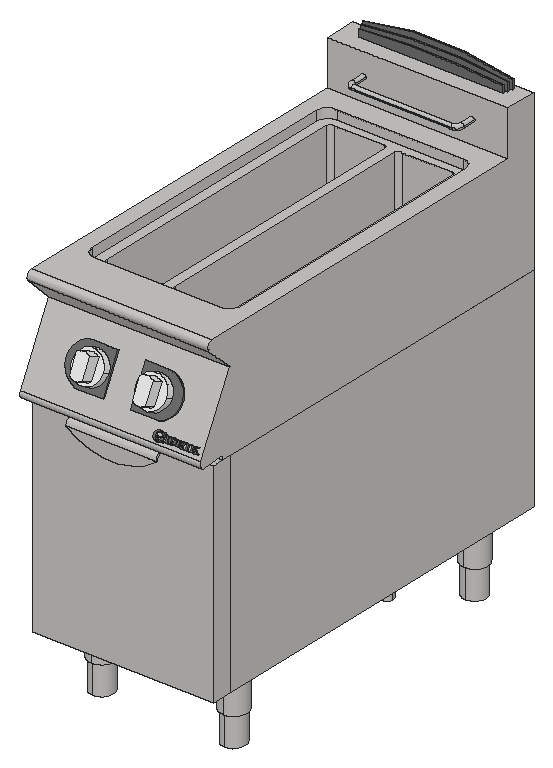
Revit family "QF_GIORIK_FE9207", category Specialty Equipment, Revit 2014
Parameters (values of type "FE9207")
  Weight in Pounds = 194.0066
  Watts = 14000 W
  Volts = 400 V
  URL Cutsheet = "www.giorik.com"
  URL = "www.giorik.com"
  Status [instance] = ""
  Specification by User [instance] = ""
  Specification by Manufacturer = ""
  Show Logo [instance] = yes
  Show Clearance [instance] = yes
  Serial Number = ""
  Seismic Rating = ""
  SMACNA No = ""
  Revision Code [instance] = ""
  Phase = 3
  Number of Poles [instance] = 3
  NAFEM Spec ID Number = ""
  Model = "FE9207"
  Min Ckt Ampacity = 0 A
  Max Overcurrent Protection = 0 A
  Masterspec = ""
  Manufacturer = "GIORIK"
  Item Number [instance] = ""
  Installed By [instance] = ""
  Identify Quantity as Lot [instance] = no
  HP = "18.774280000000"
  Furnished By [instance] = ""
  Foodservice Equipment Identifier [instance] = yes
  FL Amps = 0 A
  Electrical Remarks [instance] = ""
  Electric Connection Type [instance] = ""
  Elec Conn RI Height [instance] = 0 mm
  Elec Conn Connection Height [instance] = 150 mm
  Description = "8+8 LITRE ELECTRIC FRYER."
  Cycle = 50 Hz
  Conn Plug = ""
  CSI MasterFormat = ""
  Assembly Code = "E1090320"
  Apparent Power = 14000 VA
Reference planes
  plane 1 "Back": y = 0
  plane 2: z = 0
  plane 3 "Left": x = 0
  plane 4 "Right": x = 400
  plane 5 "Front": y = -920
  plane 6 "Top": z = 900
Forms (mm)
  Extrusion 1, solid, visible <- "Show Logo"
    sketch origin (196.604, -936.761, 609.486) x (-1, 0, 0) y (0, 0.452718, 0.891654)
      loop
        line (-118.824, 58.358) -> (-127.804, 58.358) -> (-125.523, 56.445) -> (-125.523, 48.027) -> (-127.804, 46.113) -> (-118.824, 46.113) -> (-121.105, 48.027) -> (-121.105, 56.445) -> (-118.824, 58.358)
      loop
        line (-163.721, 58.358) -> (-172.7, 58.358) -> (-170.42, 56.445) -> (-170.42, 48.027) -> (-172.7, 46.113) -> (-163.721, 46.113) -> (-166.001, 48.027) -> (-166.001, 56.445) -> (-163.721, 58.358)
      loop
        line (-174.332, 58.358) -> (-183.312, 58.358) -> (-181.031, 56.445) -> (-181.031, 52.435) -> (-186.419, 56.955) -> (-184.416, 58.358) -> (-191.268, 58.358) -> (-188.01, 56.839) -> (-185.455, 54.283) -> (-190.846, 47.858) -> (-193.396, 46.93) -> (-193.396, 46.113) -> (-184.416, 46.113) -> (-185.437, 47.571) -> (-182.443, 51.552) -> (-181.031, 50.894) -> (-181.031, 48.027) -> (-183.312, 46.113) -> (-174.332, 46.113) -> (-176.613, 48.027) -> (-176.613, 56.445) -> (-174.332, 58.358)
      loop
        line (-115.429, 62.063) -> (-115.429, 54.198)
        arc (-115.429, 54.198) -> (-111.618, 57.803) -> (-106.847, 59.986) r 16.039
        arc (-106.847, 59.986) -> (-103.314, 59.837) -> (-100.512, 57.68) r 5.851
        arc (-100.512, 57.68) -> (-98.815, 52.267) -> (-100.512, 46.853) r 9.479
        arc (-100.512, 46.853) -> (-102.406, 44.986) -> (-104.846, 43.93) r 7.236
        arc (-104.846, 43.93) -> (-107.728, 44.111) -> (-110.052, 45.825) r 5.11
        line (-110.052, 45.825) -> (-110.052, 52.001) -> (-116.141, 52.001) -> (-116.141, 45.503) -> (-117.893, 43.751) -> (-114.094, 44.769)
        arc (-114.094, 44.769) -> (-112.56, 44.947) -> (-111.129, 44.366) r 3.115
        arc (-111.129, 44.366) -> (-104.216, 42.091) -> (-97.303, 44.366) r 11.641
        arc (-97.303, 44.366) -> (-93.396, 52.107) -> (-97.303, 59.849) r 9.622
        arc (-97.303, 59.849) -> (-104.369, 62.174) -> (-111.435, 59.849) r 11.898
        line (-111.435, 59.849) -> (-115.429, 62.063)
      loop
        arc (-129.234, 56.068) -> (-135.893, 58.628) -> (-142.552, 56.068) r 9.941
        arc (-142.552, 56.068) -> (-144.234, 52.286) -> (-142.552, 48.505) r 5.093
        arc (-142.552, 48.505) -> (-135.893, 45.945) -> (-129.234, 48.505) r 9.941
        arc (-129.234, 48.505) -> (-127.552, 52.286) -> (-129.234, 56.068) r 5.093
      loop
        arc (-132.628, 54.403) -> (-135.893, 57.668) -> (-139.158, 54.403) r 3.265
        line (-139.158, 54.403) -> (-139.158, 50.169)
        arc (-139.158, 50.169) -> (-135.893, 46.904) -> (-132.628, 50.169) r 3.265
        line (-132.628, 50.169) -> (-132.628, 54.403)
      loop
        arc (-156.363, 58.365) -> (-159.647, 55.081) -> (-156.363, 51.796) r 3.285
        line (-156.363, 51.796) -> (-159.529, 47.306) -> (-162.087, 46.113) -> (-155.847, 46.113) -> (-153.529, 51.083) -> (-150.637, 51.083) -> (-150.637, 47.784) -> (-153.022, 46.113) -> (-144.011, 46.113) -> (-146.094, 47.68) -> (-146.094, 56.493) -> (-144.229, 58.365) -> (-156.363, 58.365)
      loop
        line (-150.637, 57.512) -> (-153.637, 57.512)
        arc (-153.637, 57.512) -> (-156.237, 54.912) -> (-153.637, 52.312) r 2.6
        line (-153.637, 52.312) -> (-150.637, 52.312) -> (-150.637, 57.512)
      loop
        line (-108.924, 52.001) -> (-104.936, 49.005) -> (-100.948, 52.001) -> (-108.924, 52.001)
    from 1.5 to -0.5
  Extrusion 2, solid
    sketch origin (-16, 1025.81, 0) x (1, 0, 0) y (0, 1, 0)
      loop
        line (25, -1086.81) -> (25, -1156.81) -> (115, -1156.81) -> (115, -1086.81) -> (25, -1086.81)
    from 148 to 150
  Extrusion 3, solid
    sketch origin (-14, 0, 130) x (1, 0, 0) y (0, 1, 0)
      loop
        circle (54, -385) r 12.5
    from 0 to 20
  Extrusion 4, solid
    sketch origin (0, 800, -20) x (0, 1, 0) y (0, 0, 1)
      loop
        line (-800, 989.988) -> (-870, 989.988) -> (-870, 889.988) -> (-1688.806, 889.988)
        arc (-1688.806, 889.988) -> (-1699.151, 883.075) -> (-1696.724, 870.873) r 11.197
        line (-1696.724, 870.873) -> (-1640.876, 815.025) -> (-1718.948, 661.258)
        arc (-1718.948, 661.258) -> (-1718.233, 650.105) -> (-1708.118, 645.354) r 10.981
        line (-1708.118, 645.354) -> (-1660, 649.925) -> (-1660, 640) -> (-800, 640) -> (-800, 989.988)
    from 0 to 400
  Extrusion 5, solid
    sketch origin (0, -200, 599.536) x (1, 0, 0) y (0, 1, 0)
      loop
        line (0, -640) -> (40, -640) -> (40, 160) -> (360, 160) -> (360, -640) -> (400, -640) -> (400, 200) -> (0, 200) -> (0, -640)
    from -449.536 to 20.464
  Extrusion 6, solid
    sketch origin (0, -200, 0) x (1, 0, 0) y (0, 1, 0)
      loop
        line (40, 160) -> (40, -640) -> (360, -640) -> (360, 160) -> (40, 160)
    from 150 to 190
  Extrusion 7, solid
    sketch origin (-16, 360.81, 0) x (1, 0, 0) y (0, 1, 0)
      loop
        line (25, -1086.81) -> (25, -1156.81) -> (115, -1156.81) -> (115, -1086.81) -> (25, -1086.81)
    from 148 to 150
  Revolve 8, solid
    sketch origin (54, 360.81, 0) x (0, 1, 0) y (0, 0, 1)
      loop
        line (-1092.56, 66) -> (-1092.56, 148) -> (-1121.81, 148) -> (-1121.81, 0) -> (-1096.81, 0) -> (-1096.81, 66) -> (-1092.56, 66)
      axis (-1121.81, 0) -> (-1121.81, 148)
    angle from 0 to 360
  Revolve 9, solid
    sketch origin (54, 1025.81, 0) x (0, 1, 0) y (0, 0, 1)
      loop
        line (-1092.56, 66) -> (-1092.56, 148) -> (-1121.81, 148) -> (-1121.81, 0) -> (-1096.81, 0) -> (-1096.81, 66) -> (-1092.56, 66)
      axis (-1121.81, 0) -> (-1121.81, 148)
    angle from 0 to 360
  Extrusion 10, solid
    sketch origin (416, 360.81, 0) x (-1, 0, 0) y (0, -1, 0)
      loop
        line (25, 1086.81) -> (115, 1086.81) -> (115, 1156.81) -> (25, 1156.81) -> (25, 1086.81)
    from 148 to 150
  Revolve 11, solid
    sketch origin (346, 360.81, 0) x (0, 1, 0) y (0, 0, -1)
      loop
        line (-1092.56, -66) -> (-1096.81, -66) -> (-1096.81, 0) -> (-1121.81, 0) -> (-1121.81, -148) -> (-1092.56, -148) -> (-1092.56, -66)
      axis (-1121.81, 0) -> (-1121.81, -148)
    angle from 0 to 360
  Extrusion 12, solid
    sketch origin (416, -1217.81, 0) x (-1, 0, 0) y (0, -1, 0)
      loop
        line (25, -1086.81) -> (25, -1156.81) -> (115, -1156.81) -> (115, -1086.81) -> (25, -1086.81)
    from 148 to 150
  Revolve 13, solid
    sketch origin (346, -1217.81, 0) x (0, -1, 0) y (0, 0, 1)
      loop
        line (-1092.56, 66) -> (-1092.56, 148) -> (-1121.81, 148) -> (-1121.81, 0) -> (-1096.81, 0) -> (-1096.81, 66) -> (-1092.56, 66)
      axis (-1121.81, 0) -> (-1121.81, 148)
    angle from 0 to 360
  Extrusion 14, solid
    sketch origin (-293.221, -1163.345, 52.363) x (1, 0, 0) y (0, 0.452718, 0.891654)
      loop
        line (463.221, 676.25) -> (463.221, 766.25) -> (409.698, 766.25)
        arc (409.698, 766.25) -> (364.698, 721.25) -> (409.698, 676.25) r 45
        line (409.698, 676.25) -> (463.221, 676.25)
    from 48 to 50
  Extrusion 15, solid
    sketch origin (481.331, -1208.697, 74.959) x (-1, 0, 0) y (0, -0.45351, -0.891251)
      loop
        circle (351.331, -721.346) r 35
    from 0 to 15
  Extrusion 16, solid
    sketch origin (481.331, -1208.697, 74.959) x (-1, 0, 0) y (0, -0.45351, -0.891251)
      loop
        arc (336.331, -743.846) -> (351.331, -748.846) -> (366.331, -743.846) r 25
        line (366.331, -743.846) -> (366.331, -698.846)
        arc (366.331, -698.846) -> (351.331, -693.846) -> (336.331, -698.846) r 25
        line (336.331, -698.846) -> (336.331, -743.846)
    from 15 to 40
  Extrusion 17, solid
    sketch origin (-94, 0, 59.999) x (1, 0, 0) y (0, 0, 1)
      loop
        line (135, 909.989) -> (453, 909.989) -> (453, 925.527) -> (347.056, 931.749) -> (240.944, 931.749) -> (135, 925.527) -> (135, 909.989)
    from 32 to 35
  Extrusion 18, solid
    sketch origin (-92, 10, 59.999) x (1, 0, 0) y (0, 0, 1)
      loop
        line (454, 909.989) -> (454, 928.527) -> (346.162, 939.193) -> (237.838, 939.193) -> (130, 928.527) -> (130, 909.989) -> (454, 909.989)
    from 32 to 35
  Extrusion 19, solid
    sketch origin (-90, 20, 59.999) x (1, 0, 0) y (0, 0, 1)
      loop
        line (455, 909.989) -> (455, 930.527) -> (345.396, 947.413) -> (234.604, 947.413) -> (125, 930.527) -> (125, 909.989) -> (455, 909.989)
    from 32 to 35
  Extrusion 20, void
    sketch origin (0, -200, 819.988) x (0, 1, 0) y (-1, 0, 0)
      loop
        arc (80, -60) -> (72.678, -42.322) -> (55, -35) r 25
        line (55, -35) -> (-565.002, -35)
        arc (-565.002, -35) -> (-582.68, -42.322) -> (-590.002, -60) r 25
        line (-590.002, -60) -> (-590.002, -340)
        arc (-590.002, -340) -> (-582.68, -357.678) -> (-565.002, -365) r 25
        line (-565.002, -365) -> (55, -365)
        arc (55, -365) -> (72.678, -357.678) -> (80, -340) r 25
        line (80, -340) -> (80, -60)
    from -100 to 50
  Extrusion 21, solid
    sketch origin (0, -200, 900) x (0, 1, 0) y (-1, 0, 0)
      loop
        arc (80, -60) -> (72.678, -42.322) -> (55, -35) r 25
        line (55, -35) -> (-565.002, -35)
        arc (-565.002, -35) -> (-582.68, -42.322) -> (-590.002, -60) r 25
        line (-590.002, -60) -> (-590.002, -340)
        arc (-590.002, -340) -> (-582.68, -357.678) -> (-565.002, -365) r 25
        line (-565.002, -365) -> (55, -365)
        arc (55, -365) -> (72.678, -357.678) -> (80, -340) r 25
        line (80, -340) -> (80, -60)
      loop
        arc (60, -70) -> (57.071, -62.929) -> (50, -60) r 10
        line (50, -60) -> (-555.002, -60)
        arc (-555.002, -60) -> (-562.073, -62.929) -> (-565.002, -70) r 10
        line (-565.002, -70) -> (-565.002, -180)
        arc (-565.002, -180) -> (-562.073, -187.071) -> (-555.002, -190) r 10
        line (-555.002, -190) -> (50, -190)
        arc (50, -190) -> (57.071, -187.071) -> (60, -180) r 10
        line (60, -180) -> (60, -70)
      loop
        line (60, -330) -> (60, -220)
        arc (60, -220) -> (57.071, -212.929) -> (50, -210) r 10
        line (50, -210) -> (-555.002, -210)
        arc (-555.002, -210) -> (-562.073, -212.929) -> (-565.002, -220) r 10
        line (-565.002, -220) -> (-565.002, -330)
        arc (-565.002, -330) -> (-562.073, -337.071) -> (-555.002, -340) r 10
        line (-555.002, -340) -> (50, -340)
        arc (50, -340) -> (57.071, -337.071) -> (60, -330) r 10
    from -180.012 to -50
  Extrusion 22, solid
    sketch origin (693.221, -1163.345, 52.363) x (-1, 0, 0) y (0, -0.452718, -0.891654)
      loop
        line (463.221, -676.25) -> (409.698, -676.25)
        arc (409.698, -676.25) -> (364.698, -721.25) -> (409.698, -766.25) r 45
        line (409.698, -766.25) -> (463.221, -766.25) -> (463.221, -676.25)
    from 48 to 50
  Extrusion 23, solid
    sketch origin (-81.331, -1208.697, 74.959) x (1, 0, 0) y (0, 0.45351, 0.891251)
      loop
        circle (351.331, 721.346) r 35
    from 0 to 15
  Extrusion 24, solid
    sketch origin (-81.331, -1208.697, 74.959) x (1, 0, 0) y (0, 0.45351, 0.891251)
      loop
        line (336.331, 743.846) -> (336.331, 698.846)
        arc (336.331, 698.846) -> (351.331, 693.846) -> (366.331, 698.846) r 25
        line (366.331, 698.846) -> (366.331, 743.846)
        arc (366.331, 743.846) -> (351.331, 748.846) -> (336.331, 743.846) r 25
    from 15 to 40
  Extrusion 25, solid
    sketch origin (0, -925, 0) x (1, 0, 0) y (0, 0, 1)
      loop
        line (0, 620) -> (0, 150) -> (400, 150) -> (400, 620) -> (0, 620)
    from -85 to -40
  Extrusion 26, solid
    sketch origin (0, -925, -20.1) x (0, 1, 0) y (0, 0, 1)
      loop
        arc (25, 640.1) -> (14.393, 635.707) -> (10, 625.1) r 15
        line (10, 625.1) -> (12, 625.1)
        arc (12, 625.1) -> (15.808, 634.292) -> (25, 638.1) r 13
        line (25, 638.1) -> (40, 638.1) -> (40, 640.1) -> (25, 640.1)
    from 97.5 to 297.5
  Extrusion 27, solid
    sketch origin (0, -924.905, -20.1) x (1, 0, 0) y (0, 0, 1)
      loop
        arc (97.5, 625.1) -> (197.5, 590.089) -> (297.5, 625.1) r 160.316
        line (297.5, 625.1) -> (97.5, 625.1)
    from -11.905 to -9.905
  Extrusion 28, solid, visible <- "Show Clearance", detail levels coarse
    sketch origin (395, -925, 0) x (-1, 0, 0) y (0, -1, 0)
      loop
        line (-5, -40) -> (395, -40)
        arc (395, -40) -> (277.534, 241.069) -> (-5, 354.968) r 395
        line (-5, 354.968) -> (-5, -40)
    from 150 to 620
  Extrusion 29, solid
    sketch origin (0, 0, 100) x (0, 1, 0) y (-1, 0, 0)
      loop
        circle (-380, -380) r 12.5
    from 30 to 50
  Sweep 30, solid
    path origin (0, 0, 919.988) x (0, 1, 0) y (-1, 0, 0)
      loop
        line (-70, -80) -> (-100, -80)
        arc (-100, -80) -> (-107.071, -82.929) -> (-110, -90) r 10
        line (-110, -90) -> (-110, -310)
        arc (-110, -310) -> (-107.071, -317.071) -> (-100, -320) r 10
        line (-100, -320) -> (-70, -320)
    profile origin (80, -85, 919.988) x (1, 0, 0) y (0, 0, 1)
      loop
        circle (0, 0) r 5
Cuts and joins
  Extrusion 20 cuts Extrusion 4
Lines and regions (mm)
  symbolic lines, style "200-EquipBorder-2D"
    curve 1: line (0, -920, 0) -> (400, -920, 0)
    curve 2: line (400, -920, 0) -> (400, 0, 0)
    curve 3: line (400, 0, 0) -> (0, 0, 0)
    curve 4: line (0, 0, 0) -> (0, -920, 0)
  symbolic lines, style "200-EquipInternal-2D"
    curve 5: line (35, -12, 900) -> (365, -12, 900)
    curve 6: line (365, -12, 900) -> (365, -15, 900)
    curve 7: line (365, -15, 900) -> (35, -15, 900)
    curve 8: line (35, -15, 900) -> (35, -12, 900)
    curve 9: line (38, -22, 900) -> (362, -22, 900)
    curve 10: line (362, -22, 900) -> (362, -25, 900)
    curve 11: line (362, -25, 900) -> (38, -25, 900)
    curve 12: line (38, -25, 900) -> (38, -22, 900)
    curve 13: line (41, -32, 900) -> (359, -32, 900)
    curve 14: line (359, -32, 900) -> (359, -35, 900)
    curve 15: line (359, -35, 900) -> (41, -35, 900)
    curve 16: line (41, -35, 900) -> (41, -32, 900)
    curve 17: line (340, -120, 900) -> (60, -120, 900)
    curve 18: arc (60, -120, 900) -> (42.322, -127.322, 900) -> (35, -145, 900) r 25
    curve 19: line (35, -145, 900) -> (35, -765, 900)
    curve 20: arc (365, -145, 900) -> (357.678, -127.322, 900) -> (340, -120, 900) r 25
    curve 21: arc (340, -790, 900) -> (357.633, -782.723, 900) -> (365, -765.128, 900) r 25
    curve 22: line (60, -790, 900) -> (340, -790, 900)
    curve 23: arc (35, -765, 900) -> (42.322, -782.678, 900) -> (60, -790, 900) r 25
    curve 24: line (365, -765.128, 900) -> (365, -145, 900)
    curve 27: line (70, -140, 900) -> (180, -140, 900)
    curve 28: line (210, -755.002, 900) -> (210, -150, 900)
    curve 29: line (190, -150, 900) -> (190, -755.002, 900)
    curve 30: line (60, -755.002, 900) -> (60, -150, 900)
    curve 31: line (220, -140, 900) -> (330, -140, 900)
    curve 32: line (340, -150, 900) -> (340, -755.002, 900)
    curve 33: line (330, -765.002, 900) -> (220, -765.002, 900)
    curve 34: line (180, -765.002, 900) -> (70, -765.002, 900)
    curve 35: arc (70, -140, 900) -> (62.929, -142.929, 900) -> (60, -150, 900) r 10
    curve 36: arc (180, -140, 900) -> (187.071, -142.929, 900) -> (190, -150, 900) r 10
    curve 37: arc (210, -150, 900) -> (212.929, -142.929, 900) -> (220, -140, 900) r 10
    curve 38: arc (330, -140, 900) -> (337.071, -142.929, 900) -> (340, -150, 900) r 10
    curve 39: arc (60, -755.002, 900) -> (62.929, -762.073, 900) -> (70, -765.002, 900) r 10
    curve 40: arc (180, -765.002, 900) -> (187.071, -762.073, 900) -> (190, -755.002, 900) r 10
    curve 41: arc (340, -755.002, 900) -> (337.071, -762.073, 900) -> (330, -765.002, 900) r 10
    curve 42: arc (220, -765.002, 900) -> (212.929, -762.073, 900) -> (210, -755.002, 900) r 10
    curve 43: line (80, -70, 900) -> (80, -99.667, 900)
    curve 44: line (90, -100, 900) -> (90, -70, 900)
    curve 45: line (94.989, -104.989, 900) -> (315.27, -104.989, 900)
    curve 46: line (320.032, -100.227, 900) -> (320.032, -70, 900)
    curve 47: line (330.032, -70, 900) -> (330.032, -100.301, 900)
    curve 48: line (315.333, -115, 900) -> (95.333, -115, 900)
    curve 49: arc (95.333, -115, 900) -> (84.491, -110.509, 900) -> (80, -99.667, 900) r 15.333
    curve 50: arc (90, -100, 900) -> (91.461, -103.528, 900) -> (94.989, -104.989, 900) r 4.989
    curve 51: arc (315.333, -115, 900) -> (325.727, -110.695, 900) -> (330.032, -100.301, 900) r 14.699
    curve 52: arc (320.032, -100.227, 900) -> (318.637, -103.594, 900) -> (315.27, -104.989, 900) r 4.762
    curve 53: line (0, -70, 900) -> (400, -70, 900)
  symbolic lines, style "QF_Door-Drawer Clearances", visible <- "Show Clearance", detail levels coarse
    curve 25: arc (400, -1279.968, 0) -> (130.204, -1178.101, 0) -> (1.554, -920, 0) r 395
    curve 26: line (400, -920, 0) -> (400, -1279.968, 0)
Dimensions and locks
  plane 3 "Left" to plane 4 "Right" = 400 mm
  plane 5 "Front" to plane 1 "Back" = 920 mm
  plane 4 "Right" to plane 3 "Left" = 400 mm
  plane 1 "Back" to plane 5 "Front" = 920 mm
  plane 6 "Top" to level = 900 mm  (x2)
  aligned and locked: level to plane 2
Connectors
  electrical at (380, -380, 130), driven by "Apparent Power", driven by "Volts", driven by "Number of Poles"
    settings: on Extrusion 29, index 1, voltage 400 V, apparent load 0 VA, apparent load phase1 14000 VA, apparent load phase2 0 VA, apparent load phase3 0 VA, power factor 1, load classification "Other", number of poles 3, system type 31, power factor state 1, is connector primary yes, connector utility no, sub classification motor no, connector description "Electrical connection"
